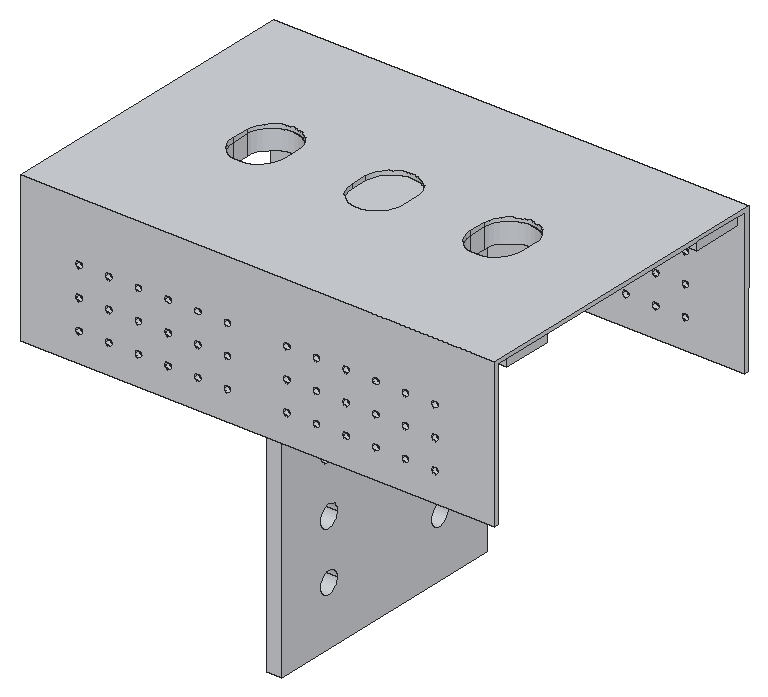
Revit family "SWS TRU", category Structural Connections, Revit 2026
Family settings
  Material for Model Behavior = Other
  Work Plane-Based = No
  Enable Cutting in Views = No
  Always vertical = No
  Cut with Voids When Loaded = No
  Shared = No
Parameters (values of type "SWS 800 TR")
  Version = "2.0"
  URL = "http://www.steelnetwork.com/product.aspx/StiffWall"
  Manufacturer = "The Steel Network, Inc."
  Is_800 = yes
  Is_600 = no
  Is_550 = no
Types (4): name | Is_800 | Is_600 | Is_550
  (no name) | yes | no | no
  SWS 550 TR | no | no | yes
  SWS 600 TR | no | yes | no
  SWS 800 TR | yes | no | no
Reference planes (in)
  plane 1 "Center (Front/Back)": y = 0
  plane 2: z = 0
  plane 3 "Center (Left/Right)": x = 0
Nested families (in)
  nested 1: "SWS 800 TR" at (-0.375, 0, -0.1017) x (1, 0, 0) z (0, 0, -1), visible <- "Is_800", type "SWS 800 TR"
  nested 2: "SWS 600 TR" at (-0.375, 0, -0.1017) x (1, 0, 0) z (0, 0, -1), visible <- "Is_600", type "SWS 600 TR"
  nested 3: "SWS 550 TR" at (-0.375, 0, -0.1017) x (1, 0, 0) z (0, 0, -1), visible <- "Is_550", type "SWS 550 TR"
Definition of nested family "SWS 800 TR"
  Parameters
    Default Elevation = 48.0000"
  Reference planes (in)
    plane 1 "Center (Front/Back)": y = 0
    plane 2: z = 0
    plane 3 "Center (Left/Right)": x = 0
    plane 4: z = -0.1017
    plane 5: z = 3.5
    plane 6: z = 8
    plane 7: z = 2
    plane 8: y = 3.9035
    plane 9: z = 9.5
    plane 10: x = -2.625
    plane 11: x = 3.375
    plane 12: y = 3.6411
    plane 13: y = 2.3768
    plane 14: y = -3.6411
    plane 15: x = -4.625
    plane 16: x = 5.375
  Forms (in)
    Extrusion 1, solid
      sketch origin (0, 0, 0) x (1, 0, 0) y (0, 0, 1)
        loop
          line (-4.625, 0) -> (5.375, 0) -> (5.375, 0.5) -> (0.375, 0.5) -> (0.375, 9.5) -> (0, 9.5) -> (0, 0.5) -> (-4.625, 0.5) -> (-4.625, 0)
      from -3.872 to 3.872
    Extrusion 2, void
      sketch origin (0, 0, 0) x (0, 1, 0) y (0, 0, 1)
        loop
          line (3.872, 9.5) -> (3.25, 9.5) -> (3.25, 0.5) -> (3.872, 0.5) -> (3.872, 9.5)
      from 0 to 0.375
    Extrusion 3, void
      sketch origin (0, 0, 0) x (0, 1, 0) y (0, 0, 1)
        loop
          line (-3.872, 9.5) -> (-3.872, 0.5) -> (-3.25, 0.5) -> (-3.25, 9.5) -> (-3.872, 9.5)
      from 0 to 0.375
    Extrusion 4, solid
      sketch origin (0, 0, 0) x (1, 0, 0) y (0, 0, 1)
        loop
          line (0, 0.875) -> (-0.375, 0.5) -> (0, 0.5) -> (0, 0.875)
      from -3.25 to 3.25
    Extrusion 5, solid
      sketch origin (0, 0, 0) x (0, 1, 0) y (0, 0, 1)
        loop
          line (3.9035, 3.6483) -> (3.9035, 0) -> (-3.9035, 0) -> (-3.9035, 3.6483) -> (-4.0052, 3.6483) -> (-4.0052, -0.1017) -> (4.0052, -0.1017) -> (4.0052, 3.6483) -> (3.9035, 3.6483)
      from -5.625 to 6.375
    Extrusion 6, void
      sketch origin (0, 0, 0) x (1, 0, 0) y (0, 0, 1)
        loop
          circle (-4.125, 2.8983) r 0.086
        loop
          circle (-4.125, 2.1483) r 0.086
        loop
          circle (-4.125, 1.3983) r 0.086
        loop
          circle (-3.375, 2.8983) r 0.086
        loop
          circle (-3.375, 2.1483) r 0.086
        loop
          circle (-3.375, 1.3983) r 0.086
        loop
          circle (-2.625, 2.8983) r 0.086
        loop
          circle (-2.625, 2.1483) r 0.086
        loop
          circle (-2.625, 1.3983) r 0.086
        loop
          circle (-1.875, 2.8983) r 0.086
        loop
          circle (-1.875, 2.1483) r 0.086
        loop
          circle (-1.875, 1.3983) r 0.086
        loop
          circle (-1.125, 2.8983) r 0.086
        loop
          circle (-1.125, 2.1483) r 0.086
        loop
          circle (-1.125, 1.3983) r 0.086
        loop
          circle (-0.375, 2.8983) r 0.086
        loop
          circle (-0.375, 2.1483) r 0.086
        loop
          circle (-0.375, 1.3983) r 0.086
        loop
          circle (1.125, 2.8983) r 0.086
        loop
          circle (1.125, 2.1483) r 0.086
        loop
          circle (1.125, 1.3983) r 0.086
        loop
          circle (1.875, 2.8983) r 0.086
        loop
          circle (1.875, 2.1483) r 0.086
        loop
          circle (1.875, 1.3983) r 0.086
        loop
          circle (2.625, 2.8983) r 0.086
        loop
          circle (2.625, 2.1483) r 0.086
        loop
          circle (2.625, 1.3983) r 0.086
        loop
          circle (3.375, 2.8983) r 0.086
        loop
          circle (3.375, 2.1483) r 0.086
        loop
          circle (3.375, 1.3983) r 0.086
        loop
          circle (4.125, 2.8983) r 0.086
        loop
          circle (4.125, 2.1483) r 0.086
        loop
          circle (4.125, 1.3983) r 0.086
        loop
          circle (4.875, 2.8983) r 0.086
        loop
          circle (4.875, 2.1483) r 0.086
        loop
          circle (4.875, 1.3983) r 0.086
      from 3.9035 to 4.0052
    Extrusion 7, void
      sketch origin (0, 0, 0) x (1, 0, 0) y (0, 0, 1)
        loop
          circle (-4.125, 2.8983) r 0.086
        loop
          circle (-4.125, 2.1483) r 0.086
        loop
          circle (-4.125, 1.3983) r 0.086
        loop
          circle (-3.375, 2.8983) r 0.086
        loop
          circle (-3.375, 2.1483) r 0.086
        loop
          circle (-3.375, 1.3983) r 0.086
        loop
          circle (-2.625, 2.8983) r 0.086
        loop
          circle (-2.625, 2.1483) r 0.086
        loop
          circle (-2.625, 1.3983) r 0.086
        loop
          circle (-1.875, 2.8983) r 0.086
        loop
          circle (-1.875, 2.1483) r 0.086
        loop
          circle (-1.875, 1.3983) r 0.086
        loop
          circle (-1.125, 2.8983) r 0.086
        loop
          circle (-1.125, 2.1483) r 0.086
        loop
          circle (-1.125, 1.3983) r 0.086
        loop
          circle (-0.375, 2.8983) r 0.086
        loop
          circle (-0.375, 2.1483) r 0.086
        loop
          circle (-0.375, 1.3983) r 0.086
        loop
          circle (1.125, 2.8983) r 0.086
        loop
          circle (1.125, 2.1483) r 0.086
        loop
          circle (1.125, 1.3983) r 0.086
        loop
          circle (1.875, 2.8983) r 0.086
        loop
          circle (1.875, 2.1483) r 0.086
        loop
          circle (1.875, 1.3983) r 0.086
        loop
          circle (2.625, 2.8983) r 0.086
        loop
          circle (2.625, 2.1483) r 0.086
        loop
          circle (2.625, 1.3983) r 0.086
        loop
          circle (3.375, 2.8983) r 0.086
        loop
          circle (3.375, 2.1483) r 0.086
        loop
          circle (3.375, 1.3983) r 0.086
        loop
          circle (4.125, 2.8983) r 0.086
        loop
          circle (4.125, 2.1483) r 0.086
        loop
          circle (4.125, 1.3983) r 0.086
        loop
          circle (4.875, 2.8983) r 0.086
        loop
          circle (4.875, 2.1483) r 0.086
        loop
          circle (4.875, 1.3983) r 0.086
      from -4.0052 to -3.9035
    Extrusion 8, solid
      sketch origin (0, 0, 0) x (1, 0, 0) y (0, 1, 0)
        loop
          line (5.375, 3.6411) -> (5.375, 2.3768) -> (6.375, 2.3768) -> (6.375, 3.6411) -> (5.375, 3.6411)
      from 0 to 0.1875
    Extrusion 9, void
      sketch origin (0, 0, 0) x (0, 1, 0) y (0, 0, 1)
        loop
          circle (-1.75, 3.5) r 0.2815
        loop
          circle (-1.75, 2) r 0.2815
        loop
          circle (1.75, 3.5) r 0.2815
        loop
          circle (1.75, 2) r 0.2815
        loop
          circle (-1.75, 8) r 0.2815
        loop
          circle (-1.75, 6.5) r 0.2815
        loop
          circle (1.75, 8) r 0.2815
        loop
          circle (1.75, 6.5) r 0.2815
        loop
          circle (-1.75, 5) r 0.2815
        loop
          circle (1.75, 5) r 0.2815
      from 0 to 0.375
    Extrusion 10, void
      sketch origin (0, 0, 0) x (1, 0, 0) y (0, 1, 0)
        loop
          line (2.71875, 0.21875) -> (2.71875, -0.21875)
          arc (2.71875, -0.21875) -> (3.375, -0.875) -> (4.03125, -0.21875) r 0.65625
          line (4.03125, -0.21875) -> (4.03125, 0.21875)
          arc (4.03125, 0.21875) -> (3.375, 0.875) -> (2.71875, 0.21875) r 0.65625
        loop
          line (-3.28125, 0.21875) -> (-3.28125, -0.21875)
          arc (-3.28125, -0.21875) -> (-2.625, -0.875) -> (-1.96875, -0.21875) r 0.65625
          line (-1.96875, -0.21875) -> (-1.96875, 0.21875)
          arc (-1.96875, 0.21875) -> (-2.625, 0.875) -> (-3.28125, 0.21875) r 0.65625
      from -0.1017 to 0.5
    Extrusion 11, void
      sketch origin (-3, 0, 0) x (1, 0, 0) y (0, 1, 0)
        loop
          line (2.71875, 0.21875) -> (2.71875, -0.21875)
          arc (2.71875, -0.21875) -> (3.375, -0.875) -> (4.03125, -0.21875) r 0.65625
          line (4.03125, -0.21875) -> (4.03125, 0.21875)
          arc (4.03125, 0.21875) -> (3.375, 0.875) -> (2.71875, 0.21875) r 0.65625
      from -0.1017 to 0
    Extrusion 12, solid
      sketch origin (0, -6.0179, 0) x (1, 0, 0) y (0, 1, 0)
        loop
          line (5.375, 3.6411) -> (5.375, 2.3768) -> (6.375, 2.3768) -> (6.375, 3.6411) -> (5.375, 3.6411)
      from 0 to 0.1875
    Extrusion 13, solid
      sketch origin (-10.5, 0, 0) x (1, 0, 0) y (0, 1, 0)
        loop
          line (4.875, 3.6411) -> (4.875, 2.3768) -> (5.875, 2.3768) -> (5.875, 3.6411) -> (4.875, 3.6411)
      from 0 to 0.1875
    Extrusion 14, solid
      sketch origin (-10.5, -6.0179, 0) x (1, 0, 0) y (0, 1, 0)
        loop
          line (4.875, 3.6411) -> (4.875, 2.3768) -> (5.875, 2.3768) -> (5.875, 3.6411) -> (4.875, 3.6411)
      from 0 to 0.1875
  Cuts and joins
    Extrusion 2, Extrusion 3, Extrusion 6, Extrusion 7, Extrusion 9, Extrusion 10, Extrusion 11 cuts Extrusion 1
    Extrusion 6, Extrusion 7, Extrusion 9, Extrusion 10, Extrusion 11 cuts Extrusion 5
    Extrusion 10, Extrusion 11 cuts Extrusion 4
Definition of nested family "SWS 600 TR"
  Parameters
    Default Elevation = 48.0000"
  Reference planes (in)
    plane 1 "Center (Front/Back)": y = 0
    plane 2: z = 0
    plane 3 "Center (Left/Right)": x = 0
    plane 4: z = -0.1017
    plane 5: z = 3.5
    plane 6: z = 9.5
    plane 7: z = 2
    plane 8: z = 8
    plane 9: y = 2.6411
    plane 10: y = 1.3768
    plane 11: y = -2.6411
    plane 12: x = -4.625
    plane 13: x = 5.375
  Forms (in)
    Extrusion 1, solid
      sketch origin (0, 0, 0) x (1, 0, 0) y (0, 0, 1)
        loop
          line (-4.625, 0) -> (5.375, 0) -> (5.375, 0.5) -> (0.375, 0.5) -> (0.375, 9.5) -> (0, 9.5) -> (0, 0.5) -> (-4.625, 0.5) -> (-4.625, 0)
      from -2.872 to 2.872
    Extrusion 2, void
      sketch origin (0, 0, 0) x (0, 1, 0) y (0, 0, 1)
        loop
          line (2.872, 9.5) -> (2.375, 9.5) -> (2.375, 0.5) -> (2.872, 0.5) -> (2.872, 9.5)
      from 0 to 0.375
    Extrusion 3, void
      sketch origin (0, 0, 0) x (0, 1, 0) y (0, 0, 1)
        loop
          line (-2.872, 9.5) -> (-2.872, 0.5) -> (-2.375, 0.5) -> (-2.375, 9.5) -> (-2.872, 9.5)
      from 0 to 0.375
    Extrusion 4, solid
      sketch origin (0, 0, 0) x (1, 0, 0) y (0, 0, 1)
        loop
          line (0, 0.875) -> (-0.375, 0.5) -> (0, 0.5) -> (0, 0.875)
      from -2.375 to 2.375
    Extrusion 5, solid
      sketch origin (0, 0, 0) x (0, 1, 0) y (0, 0, 1)
        loop
          line (2.9035, 3.6483) -> (2.9035, 0) -> (-2.9035, 0) -> (-2.9035, 3.6483) -> (-3.0052, 3.6483) -> (-3.0052, -0.1017) -> (3.0052, -0.1017) -> (3.0052, 3.6483) -> (2.9035, 3.6483)
      from -5.625 to 6.375
    Extrusion 6, void
      sketch origin (0, 0, 0) x (1, 0, 0) y (0, 0, 1)
        loop
          circle (-4.125, 2.8983) r 0.086
        loop
          circle (-4.125, 2.1483) r 0.086
        loop
          circle (-4.125, 1.3983) r 0.086
        loop
          circle (-3.375, 2.8983) r 0.086
        loop
          circle (-3.375, 2.1483) r 0.086
        loop
          circle (-3.375, 1.3983) r 0.086
        loop
          circle (-2.625, 2.8983) r 0.086
        loop
          circle (-2.625, 2.1483) r 0.086
        loop
          circle (-2.625, 1.3983) r 0.086
        loop
          circle (-1.875, 2.8983) r 0.086
        loop
          circle (-1.875, 2.1483) r 0.086
        loop
          circle (-1.875, 1.3983) r 0.086
        loop
          circle (-1.125, 2.8983) r 0.086
        loop
          circle (-1.125, 2.1483) r 0.086
        loop
          circle (-1.125, 1.3983) r 0.086
        loop
          circle (-0.375, 2.8983) r 0.086
        loop
          circle (-0.375, 2.1483) r 0.086
        loop
          circle (-0.375, 1.3983) r 0.086
        loop
          circle (1.125, 2.8983) r 0.086
        loop
          circle (1.125, 2.1483) r 0.086
        loop
          circle (1.125, 1.3983) r 0.086
        loop
          circle (1.875, 2.8983) r 0.086
        loop
          circle (1.875, 2.1483) r 0.086
        loop
          circle (1.875, 1.3983) r 0.086
        loop
          circle (2.625, 2.8983) r 0.086
        loop
          circle (2.625, 2.1483) r 0.086
        loop
          circle (2.625, 1.3983) r 0.086
        loop
          circle (3.375, 2.8983) r 0.086
        loop
          circle (3.375, 2.1483) r 0.086
        loop
          circle (3.375, 1.3983) r 0.086
        loop
          circle (4.125, 2.8983) r 0.086
        loop
          circle (4.125, 2.1483) r 0.086
        loop
          circle (4.125, 1.3983) r 0.086
        loop
          circle (4.875, 2.8983) r 0.086
        loop
          circle (4.875, 2.1483) r 0.086
        loop
          circle (4.875, 1.3983) r 0.086
      from 2.9035 to 3.0052
    Extrusion 7, void
      sketch origin (0, 0, 0) x (1, 0, 0) y (0, 0, 1)
        loop
          circle (-4.125, 2.8983) r 0.086
        loop
          circle (-4.125, 2.1483) r 0.086
        loop
          circle (-4.125, 1.3983) r 0.086
        loop
          circle (-3.375, 2.8983) r 0.086
        loop
          circle (-3.375, 2.1483) r 0.086
        loop
          circle (-3.375, 1.3983) r 0.086
        loop
          circle (-2.625, 2.8983) r 0.086
        loop
          circle (-2.625, 2.1483) r 0.086
        loop
          circle (-2.625, 1.3983) r 0.086
        loop
          circle (-1.875, 2.8983) r 0.086
        loop
          circle (-1.875, 2.1483) r 0.086
        loop
          circle (-1.875, 1.3983) r 0.086
        loop
          circle (-1.125, 2.8983) r 0.086
        loop
          circle (-1.125, 2.1483) r 0.086
        loop
          circle (-1.125, 1.3983) r 0.086
        loop
          circle (-0.375, 2.8983) r 0.086
        loop
          circle (-0.375, 2.1483) r 0.086
        loop
          circle (-0.375, 1.3983) r 0.086
        loop
          circle (1.125, 2.8983) r 0.086
        loop
          circle (1.125, 2.1483) r 0.086
        loop
          circle (1.125, 1.3983) r 0.086
        loop
          circle (1.875, 2.8983) r 0.086
        loop
          circle (1.875, 2.1483) r 0.086
        loop
          circle (1.875, 1.3983) r 0.086
        loop
          circle (2.625, 2.8983) r 0.086
        loop
          circle (2.625, 2.1483) r 0.086
        loop
          circle (2.625, 1.3983) r 0.086
        loop
          circle (3.375, 2.8983) r 0.086
        loop
          circle (3.375, 2.1483) r 0.086
        loop
          circle (3.375, 1.3983) r 0.086
        loop
          circle (4.125, 2.8983) r 0.086
        loop
          circle (4.125, 2.1483) r 0.086
        loop
          circle (4.125, 1.3983) r 0.086
        loop
          circle (4.875, 2.8983) r 0.086
        loop
          circle (4.875, 2.1483) r 0.086
        loop
          circle (4.875, 1.3983) r 0.086
      from -3.0052 to -2.9035
    Extrusion 8, solid
      sketch origin (0, 0, 0) x (1, 0, 0) y (0, 1, 0)
        loop
          line (5.375, 2.6411) -> (5.375, 1.3768) -> (6.375, 1.3768) -> (6.375, 2.6411) -> (5.375, 2.6411)
      from 0 to 0.1875
    Extrusion 9, void
      sketch origin (0, 0, 0) x (0, 1, 0) y (0, 0, 1)
        loop
          circle (-1, 3.5) r 0.2815
        loop
          circle (-1, 2) r 0.2815
        loop
          circle (1, 3.5) r 0.2815
        loop
          circle (1, 2) r 0.2815
        loop
          circle (-1, 8) r 0.2815
        loop
          circle (-1, 6.5) r 0.2815
        loop
          circle (1, 8) r 0.2815
        loop
          circle (1, 6.5) r 0.2815
        loop
          circle (-1, 5) r 0.2815
        loop
          circle (1, 5) r 0.2815
      from 0 to 0.375
    Extrusion 10, void
      sketch origin (0, 0, 0) x (1, 0, 0) y (0, 1, 0)
        loop
          arc (-3.28125, -0.21875) -> (-2.625, -0.875) -> (-1.96875, -0.21875) r 0.65625
          line (-1.96875, -0.21875) -> (-1.96875, 0.21875)
          arc (-1.96875, 0.21875) -> (-2.625, 0.875) -> (-3.28125, 0.21875) r 0.65625
          line (-3.28125, 0.21875) -> (-3.28125, -0.21875)
        loop
          arc (2.71875, -0.21875) -> (3.375, -0.875) -> (4.03125, -0.21875) r 0.65625
          line (4.03125, -0.21875) -> (4.03125, 0.21875)
          arc (4.03125, 0.21875) -> (3.375, 0.875) -> (2.71875, 0.21875) r 0.65625
          line (2.71875, 0.21875) -> (2.71875, -0.21875)
      from -0.1017 to 0.5
    Extrusion 11, void
      sketch origin (-3, 0, 0) x (1, 0, 0) y (0, 1, 0)
        loop
          arc (2.71875, -0.21875) -> (3.375, -0.875) -> (4.03125, -0.21875) r 0.65625
          line (4.03125, -0.21875) -> (4.03125, 0.21875)
          arc (4.03125, 0.21875) -> (3.375, 0.875) -> (2.71875, 0.21875) r 0.65625
          line (2.71875, 0.21875) -> (2.71875, -0.21875)
      from -0.1017 to 0
    Extrusion 12, solid
      sketch origin (0, -4.0179, 0) x (1, 0, 0) y (0, 1, 0)
        loop
          line (5.375, 2.6411) -> (5.375, 1.3768) -> (6.375, 1.3768) -> (6.375, 2.6411) -> (5.375, 2.6411)
      from 0 to 0.1875
    Extrusion 13, solid
      sketch origin (-10.5, 0, 0) x (1, 0, 0) y (0, 1, 0)
        loop
          line (4.875, 2.6411) -> (4.875, 1.3768) -> (5.875, 1.3768) -> (5.875, 2.6411) -> (4.875, 2.6411)
      from 0 to 0.1875
    Extrusion 14, solid
      sketch origin (-10.5, -4.0179, 0) x (1, 0, 0) y (0, 1, 0)
        loop
          line (4.875, 2.6411) -> (4.875, 1.3768) -> (5.875, 1.3768) -> (5.875, 2.6411) -> (4.875, 2.6411)
      from 0 to 0.1875
  Cuts and joins
    Extrusion 2, Extrusion 3, Extrusion 6, Extrusion 7, Extrusion 9, Extrusion 10, Extrusion 11 cuts Extrusion 1
    Extrusion 6, Extrusion 7, Extrusion 9, Extrusion 10, Extrusion 11 cuts Extrusion 5
    Extrusion 10, Extrusion 11 cuts Extrusion 4
Definition of nested family "SWS 550 TR"
  Parameters
    Default Elevation = 48.0000"
  Reference planes (in)
    plane 1 "Center (Front/Back)": y = 0
    plane 2: z = 0
    plane 3 "Center (Left/Right)": x = 0
    plane 4: z = -0.1017
    plane 5: z = 3.5
    plane 6: z = 9.5
    plane 7: z = 2
    plane 8: y = -2.6535
    plane 9: y = 2.6535
    plane 10: y = -2.375
    plane 11: z = 8
    plane 12: y = 2.3911
    plane 13: y = 1.1268
    plane 14: y = -2.3911
    plane 15: x = -4.625
    plane 16: x = 5.375
  Forms (in)
    Extrusion 1, solid
      sketch origin (0, 0, 0) x (1, 0, 0) y (0, 0, 1)
        loop
          line (-4.625, 0) -> (5.375, 0) -> (5.375, 0.5) -> (0.375, 0.5) -> (0.375, 9.5) -> (0, 9.5) -> (0, 0.5) -> (-4.625, 0.5) -> (-4.625, 0)
      from -2.622 to 2.622
    Extrusion 2, void
      sketch origin (0, 0, 0) x (0, 1, 0) y (0, 0, 1)
        loop
          line (2.622, 9.5) -> (2.375, 9.5) -> (2.375, 0.5) -> (2.622, 0.5) -> (2.622, 9.5)
      from 0 to 0.375
    Extrusion 3, void
      sketch origin (0, 0, 0) x (0, 1, 0) y (0, 0, 1)
        loop
          line (-2.622, 9.5) -> (-2.622, 0.5) -> (-2.375, 0.5) -> (-2.375, 9.5) -> (-2.622, 9.5)
      from 0 to 0.375
    Extrusion 4, solid
      sketch origin (0, 0, 0) x (1, 0, 0) y (0, 0, 1)
        loop
          line (0, 0.875) -> (-0.375, 0.5) -> (0, 0.5) -> (0, 0.875)
      from -2.375 to 2.375
    Extrusion 5, solid
      sketch origin (0, 0, 0) x (0, 1, 0) y (0, 0, 1)
        loop
          line (2.6535, 3.6483) -> (2.6535, 0) -> (-2.6535, 0) -> (-2.6535, 3.6483) -> (-2.7552, 3.6483) -> (-2.7552, -0.1017) -> (2.7552, -0.1017) -> (2.7552, 3.6483) -> (2.6535, 3.6483)
      from -5.625 to 6.375
    Extrusion 6, void
      sketch origin (0, 0, 0) x (1, 0, 0) y (0, 0, 1)
        loop
          circle (-4.125, 2.8983) r 0.086
        loop
          circle (-4.125, 2.1483) r 0.086
        loop
          circle (-4.125, 1.3983) r 0.086
        loop
          circle (-3.375, 2.8983) r 0.086
        loop
          circle (-3.375, 2.1483) r 0.086
        loop
          circle (-3.375, 1.3983) r 0.086
        loop
          circle (-2.625, 2.8983) r 0.086
        loop
          circle (-2.625, 2.1483) r 0.086
        loop
          circle (-2.625, 1.3983) r 0.086
        loop
          circle (-1.875, 2.8983) r 0.086
        loop
          circle (-1.875, 2.1483) r 0.086
        loop
          circle (-1.875, 1.3983) r 0.086
        loop
          circle (-1.125, 2.8983) r 0.086
        loop
          circle (-1.125, 2.1483) r 0.086
        loop
          circle (-1.125, 1.3983) r 0.086
        loop
          circle (-0.375, 2.8983) r 0.086
        loop
          circle (-0.375, 2.1483) r 0.086
        loop
          circle (-0.375, 1.3983) r 0.086
        loop
          circle (1.125, 2.8983) r 0.086
        loop
          circle (1.125, 2.1483) r 0.086
        loop
          circle (1.125, 1.3983) r 0.086
        loop
          circle (1.875, 2.8983) r 0.086
        loop
          circle (1.875, 2.1483) r 0.086
        loop
          circle (1.875, 1.3983) r 0.086
        loop
          circle (2.625, 2.8983) r 0.086
        loop
          circle (2.625, 2.1483) r 0.086
        loop
          circle (2.625, 1.3983) r 0.086
        loop
          circle (3.375, 2.8983) r 0.086
        loop
          circle (3.375, 2.1483) r 0.086
        loop
          circle (3.375, 1.3983) r 0.086
        loop
          circle (4.125, 2.8983) r 0.086
        loop
          circle (4.125, 2.1483) r 0.086
        loop
          circle (4.125, 1.3983) r 0.086
        loop
          circle (4.875, 2.8983) r 0.086
        loop
          circle (4.875, 2.1483) r 0.086
        loop
          circle (4.875, 1.3983) r 0.086
      from 2.6535 to 2.7552
    Extrusion 7, void
      sketch origin (0, 0, 0) x (1, 0, 0) y (0, 0, 1)
        loop
          circle (-4.125, 2.8983) r 0.086
        loop
          circle (-4.125, 2.1483) r 0.086
        loop
          circle (-4.125, 1.3983) r 0.086
        loop
          circle (-3.375, 2.8983) r 0.086
        loop
          circle (-3.375, 2.1483) r 0.086
        loop
          circle (-3.375, 1.3983) r 0.086
        loop
          circle (-2.625, 2.8983) r 0.086
        loop
          circle (-2.625, 2.1483) r 0.086
        loop
          circle (-2.625, 1.3983) r 0.086
        loop
          circle (-1.875, 2.8983) r 0.086
        loop
          circle (-1.875, 2.1483) r 0.086
        loop
          circle (-1.875, 1.3983) r 0.086
        loop
          circle (-1.125, 2.8983) r 0.086
        loop
          circle (-1.125, 2.1483) r 0.086
        loop
          circle (-1.125, 1.3983) r 0.086
        loop
          circle (-0.375, 2.8983) r 0.086
        loop
          circle (-0.375, 2.1483) r 0.086
        loop
          circle (-0.375, 1.3983) r 0.086
        loop
          circle (1.125, 2.8983) r 0.086
        loop
          circle (1.125, 2.1483) r 0.086
        loop
          circle (1.125, 1.3983) r 0.086
        loop
          circle (1.875, 2.8983) r 0.086
        loop
          circle (1.875, 2.1483) r 0.086
        loop
          circle (1.875, 1.3983) r 0.086
        loop
          circle (2.625, 2.8983) r 0.086
        loop
          circle (2.625, 2.1483) r 0.086
        loop
          circle (2.625, 1.3983) r 0.086
        loop
          circle (3.375, 2.8983) r 0.086
        loop
          circle (3.375, 2.1483) r 0.086
        loop
          circle (3.375, 1.3983) r 0.086
        loop
          circle (4.125, 2.8983) r 0.086
        loop
          circle (4.125, 2.1483) r 0.086
        loop
          circle (4.125, 1.3983) r 0.086
        loop
          circle (4.875, 2.8983) r 0.086
        loop
          circle (4.875, 2.1483) r 0.086
        loop
          circle (4.875, 1.3983) r 0.086
      from -2.7552 to -2.6535
    Extrusion 8, solid
      sketch origin (0, 0, 0) x (1, 0, 0) y (0, 1, 0)
        loop
          line (5.375, 2.3911) -> (5.375, 1.1268) -> (6.375, 1.1268) -> (6.375, 2.3911) -> (5.375, 2.3911)
      from 0 to 0.1875
    Extrusion 9, void
      sketch origin (0, 0, 0) x (0, 1, 0) y (0, 0, 1)
        loop
          circle (-1, 3.5) r 0.2815
        loop
          circle (-1, 2) r 0.2815
        loop
          circle (1, 3.5) r 0.2815
        loop
          circle (1, 2) r 0.2815
        loop
          circle (-1, 8) r 0.2815
        loop
          circle (-1, 6.5) r 0.2815
        loop
          circle (1, 8) r 0.2815
        loop
          circle (1, 6.5) r 0.2815
        loop
          circle (-1, 5) r 0.2815
        loop
          circle (1, 5) r 0.2815
      from 0 to 0.375
    Extrusion 10, void
      sketch origin (0, 0, 0) x (1, 0, 0) y (0, 1, 0)
        loop
          line (-3.28125, 0.21875) -> (-3.28125, -0.21875)
          arc (-3.28125, -0.21875) -> (-2.625, -0.875) -> (-1.96875, -0.21875) r 0.65625
          line (-1.96875, -0.21875) -> (-1.96875, 0.21875)
          arc (-1.96875, 0.21875) -> (-2.625, 0.875) -> (-3.28125, 0.21875) r 0.65625
        loop
          line (2.71875, 0.21875) -> (2.71875, -0.21875)
          arc (2.71875, -0.21875) -> (3.375, -0.875) -> (4.03125, -0.21875) r 0.65625
          line (4.03125, -0.21875) -> (4.03125, 0.21875)
          arc (4.03125, 0.21875) -> (3.375, 0.875) -> (2.71875, 0.21875) r 0.65625
      from -0.1017 to 0.5
    Extrusion 11, void
      sketch origin (-3, 0, 0) x (1, 0, 0) y (0, 1, 0)
        loop
          line (2.71875, 0.21875) -> (2.71875, -0.21875)
          arc (2.71875, -0.21875) -> (3.375, -0.875) -> (4.03125, -0.21875) r 0.65625
          line (4.03125, -0.21875) -> (4.03125, 0.21875)
          arc (4.03125, 0.21875) -> (3.375, 0.875) -> (2.71875, 0.21875) r 0.65625
      from -0.1017 to 0
    Extrusion 12, solid
      sketch origin (0, -3.5179, 0) x (1, 0, 0) y (0, 1, 0)
        loop
          line (5.375, 2.3911) -> (5.375, 1.1268) -> (6.375, 1.1268) -> (6.375, 2.3911) -> (5.375, 2.3911)
      from 0 to 0.1875
    Extrusion 13, solid
      sketch origin (-10.5, 0, 0) x (1, 0, 0) y (0, 1, 0)
        loop
          line (4.875, 2.3911) -> (4.875, 1.1268) -> (5.875, 1.1268) -> (5.875, 2.3911) -> (4.875, 2.3911)
      from 0 to 0.1875
    Extrusion 14, solid
      sketch origin (-10.5, -3.5179, 0) x (1, 0, 0) y (0, 1, 0)
        loop
          line (4.875, 2.3911) -> (4.875, 1.1268) -> (5.875, 1.1268) -> (5.875, 2.3911) -> (4.875, 2.3911)
      from 0 to 0.1875
  Cuts and joins
    Extrusion 2, Extrusion 3, Extrusion 6, Extrusion 7, Extrusion 9, Extrusion 10, Extrusion 11 cuts Extrusion 1
    Extrusion 6, Extrusion 7, Extrusion 9, Extrusion 10, Extrusion 11 cuts Extrusion 5
    Extrusion 10, Extrusion 11 cuts Extrusion 4
